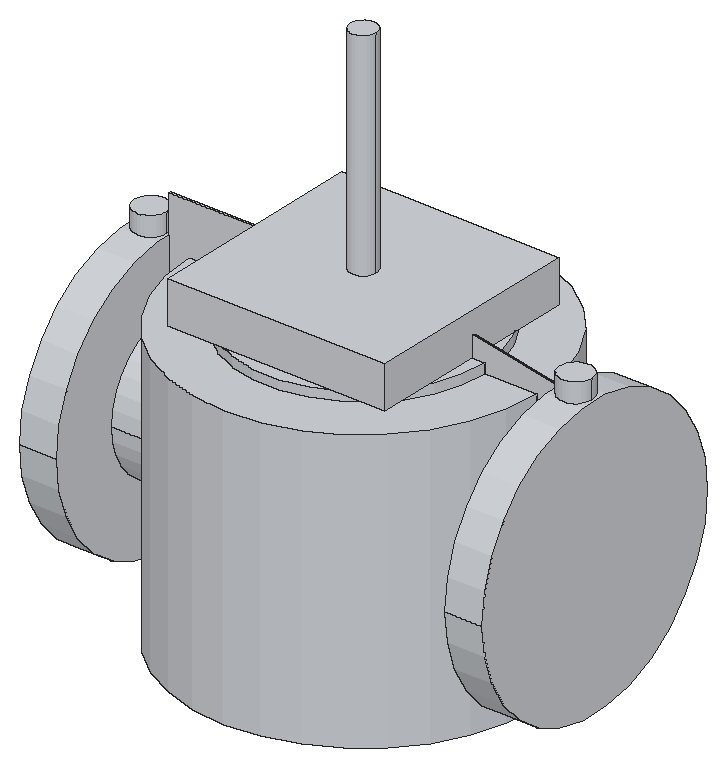
Revit family "OC-FLANGE_HF_DN250_PN25_RFA_2018", category Pipe Accessories, Revit 2018
Family settings
  Round Connector Dimension = Use Diameter
  Part Type = Valve - Breaks Into
  Work Plane-Based = No
  Always vertical = Yes
  Cut with Voids When Loaded = No
  Shared = No
Parameters (values of type "Optima Compact Flange PN25 DN250 HF")
  magiProductId = "248d4ad3cfa54a6393ff3e1f812aa6"
  magiProductFamilyId = "85dff9c68a224669bc3e9a31beef4e"
  magiPartTypeId = 304
  isMeasuringValve [instance] = no
  ang2D [instance] = 0.00°
  W2D = 50 mm
  VersionID = "2.0/2018.12.13.2/FRESE_OPT_COMP_BIG_Q13_001"
  Use Minimum Symbol Size [instance] = no
  URL = "www.hydronic.cz"
  Type Comments = "Přírubový; PN25; 0~110°C, s měřením"
  R4 = 192.15 mm
  R3 = 115.44 mm
  R1 = 274.5 mm
  QmdConnectorList = "301;D;302;D"
  Productdata [instance] = ""
  Manufacturer = "Hydronic Systems Prague s..ro"
  MC Use Limits From Balancing Method = no
  MC Throttling Minimum Value = 0
  MC Throttling Maximum Value = 0
  MC Product Code = "53-1237 (DN250 HF; 48mm; pohon min 2500N; Qmin-dpmin 245000l/h-15.0kPa; Qmax-dpmin 600000l/h-70.0kPa; dpmax 800kPa)"
  MC Pressure Drop Minimum Value = 0.0 Pa
  MC Pressure Drop Maximum Value = 0.0 Pa
  MC Piping Given Pressure Drop [instance] = 0.0 Pa
  LF__ve = -LF  # -58.4 mm
  LF2 = 29.2 mm
  LF = 58.4 mm
  L4 = 343.1 mm
  L3 = 613.2 mm
  L2D_Min = 30.48 mm
  L2D = 230 mm
  L2 = 365 mm
  H6 = 339.4 mm
  H4 = 66.6 mm
  H3 = 15 mm
  H2 = 244.2 mm
  H1 = 444 mm
  H = 1094 mm
  Description = "Tlakově nezávislý 2-cestný regulační vyvažovací ventil (PICV)"
  DF2 = 222 mm
  DD = yes
  D = 250 mm
  CAT0 = yes
  AL2 = 156 mm
  ACT3W = 167 mm
  ACT3L = 92.5 mm
  ACT2L = 230 mm
  ACT2H = 311 mm
  A3WP = 112 mm
Types (2, lengths in mm): name | magiProductId | R4 | R3 | R1 | MC Product Code | LF__ve | LF2 | LF | L4 | L3 | L2 | H6 | H4 | H2 | H1 | H | DF2 | D
  Optima Compact Flange PN25 DN250 HF | "248d4ad3cfa54a6393ff3e1f812aa6" | 192.15 | 115.44 | 274.5 | "53-1237 (DN250 HF; 48mm; pohon min 2500N; Qmin-dpmin 245000l/h-15.0kPa; Qmax-dpmin 600000l/h-70.0kPa; dpmax 800kPa)" | -58.4 | 29.2 | 58.4 | 343.1 | 613.2 | 365 | 339.4 | 66.6 | 244.2 | 444 | 1094 | 222 | 250
  Optima Compact Flange PN25 DN300 HF | "6988231868984c45bc1ee399ade9af" | 251.65 | 135.2 | 359.5 | "53-1238 (DN300 HF; 48mm; pohon min 2500N; Qmin-dpmin 245000l/h-15.0kPa; Qmax-dpmin 600000l/h-70.0kPa; dpmax 800kPa)" | -68 | 34 | 68 | 399.5 | 714 | 425 | 290 | 78 | 286 | 520 | 1132 | 260 | 300
Reference planes
  plane 1 "Center (Front/Back)": y = 0
  plane 2 "XYPLANE": z = 0
  plane 3 "Center (Left/Right)": x = 0
  plane 4 "362": y = 45
  plane 5 "361": y = 55
  plane 6 "360": y = -102
  plane 7 "359": y = -112
  plane 8 "358": z = 852
  plane 9 "357": x = -87.5
  plane 10 "356": x = 87.5
  plane 11 "355": x = -92.5
  plane 12 "354": x = 92.5
  plane 13 "353": x = 35
  plane 14 "352": x = -35
  plane 15 "351": z = 627
  plane 16 "350": z = 812
  plane 17 "347": y = -25
  plane 18 "346": y = 25
  plane 19 "342": z = 280.4
  plane 20 "341": x = 306.6
  plane 21 "340": x = -306.6
  plane 22 "335": x = 106
  plane 23 "334": z = 759
  plane 24 "333": z = 684
  plane 25 "332": z = 689
  plane 26 "331": z = 729
  plane 27 "330": z = 561
  plane 28 "329": z = -222
  plane 29 "328": x = -45
  plane 30 "327": x = 45
  plane 31 "326": x = -49
  plane 32 "325": x = 49
  plane 33 "324": y = -20
  plane 34 "323": y = 20
  plane 35 "322": z = 869
  plane 36 "321": z = 872
  plane 37 "320": z = 581
  plane 38 "319": y = -61
  plane 39 "318": y = 73
  plane 40 "317": x = -74
  plane 41 "316": x = 156
  plane 42 "206": x = 335.8
  plane 43 "205": x = -335.8
  plane 44 "204": z = 222
  plane 45 "203": z = 281.4
  plane 46 "202": z = 214.8
  plane 47 "201": z = 199.8
  plane 48 "200": x = -306.6
  plane 49 "199": z = -244.2
  plane 50 "198": x = 0
  plane 51 "197": y = 0
  plane 52 "196": z = 0
  plane 53 "195": x = -365
  plane 54 "194": x = 365
  plane 55 "193": z = 620.8
  plane 56 "192": z = 784.8
Forms (mm)
  Extrusion 1, solid, visible <- "DD"
    sketch origin (750, 0, 0) x (-1, 0, 0) y (0, 0, 1)
      loop
        line (1056.6, 280.4) -> (750, 280.4) -> (443.4, 222) -> (443.4, -222) -> (1056.6, -222) -> (1056.6, 280.4)
    from 0 to 3
  Extrusion 2, solid, visible <- "CAT0"
    sketch origin (-750, 0, 222) x (1, 0, 0) y (0, 1, 0)
      loop
        circle (1085.8, 0) r 25.5
    from 0 to 30
  Extrusion 3, solid, visible <- "CAT0"
    sketch origin (-750, 0, 222) x (1, 0, 0) y (0, 1, 0)
      loop
        circle (414.2, 0) r 25.5
    from 0 to 30
  Extrusion 4, solid, visible <- "CAT0"
    sketch origin (-750, 0, 281.4) x (1, 0, 0) y (0, 1, 0)
      loop
        circle (750, 0) r 20
    from 0 to 339.4 <- "H6"
  Extrusion 5, solid, visible <- "CAT0"
    sketch origin (-750, 0, 214.8) x (1, 0, 0) y (0, 1, 0)
      loop
        line (921.55, 171.55) -> (578.45, 171.55) -> (578.45, -171.55) -> (921.55, -171.55) -> (921.55, 171.55)
    from 0 to 66.6 <- "H4"
  Extrusion 6, solid, visible <- "CAT0"
    sketch origin (-750, 0, 199.8) x (1, 0, 0) y (0, 1, 0)
      loop
        circle (750, 0) r 192.15
    from 0 to 15 <- "H3"
  Extrusion 7, solid, visible <- "CAT0"
    sketch origin (-306.6, -750, 0) x (0, 1, 0) y (0, 0, 1)
      loop
        circle (750, 0) r 115.44
    from 0 to 613.2 <- "L3"
  Extrusion 8, solid, visible <- "CAT0"
    sketch origin (-750, 0, -244.2) x (1, 0, 0) y (0, 1, 0)
      loop
        circle (750, 0) r 274.5
    from 0 to 444 <- "H1"
  Extrusion 9, solid, visible <- "CAT0"
    sketch origin (-365, -750, 0) x (0, 1, 0) y (0, 0, 1)
      loop
        circle (750, 0) r 222
    from 0 to 58.4 <- "LF"
  Extrusion 10, solid, visible <- "CAT0"
    sketch origin (365, -750, 0) x (0, 1, 0) y (0, 0, 1)
      loop
        circle (750, 0) r 222
    from 0 to -58.4 <- "LF__ve"
  Extrusion 11, solid, not visible
    sketch origin (-365, -750, 0) x (0, 1, 0) y (0, 0, 1)
      loop
        circle (750, 0) r 10
    from 0 to 10
  Extrusion 12, solid, not visible
    sketch origin (365, -750, 0) x (0, 1, 0) y (0, 0, 1)
      loop
        circle (750, 0) r 10
    from 0 to -10
Lines and regions (mm)
  reference lines, not visible
    curve 1: circle (2, 2, 0) r 1 normal (0, 0, 1)
  reference lines
    curve 2: line (-49, -20, 561) -> (49, -20, 561)
    curve 3: line (49, -20, 561) -> (49, 20, 561)
    curve 4: line (49, 20, 561) -> (-49, 20, 561)
    curve 5: line (-49, 20, 561) -> (-49, -20, 561)
    curve 6: circle (0, 0, 214.8) r 1 normal (0, 0, 1)
Dimensions and locks
  plane 1 "Center (Front/Back)" to curve 1 = 2 mm
  locked: plane 5 "361" to plane 4 "362" at 10
  "ACT3W": plane 7 "359" to plane 5 "361"
  locked: plane 7 "359" to plane 6 "360" at 10
  "A3WP": plane 51 "197" to plane 7 "359"
  locked: plane 36 "321" to plane 8 "358" at 20
  locked: plane 11 "355" to plane 9 "357" at 5
  locked: plane 12 "354" to plane 10 "356" at 5
  "ACT3L": plane 50 "198" to plane 11 "355"
  "ACT3L": plane 50 "198" to plane 12 "354"
  locked: plane 30 "327" to plane 13 "353" at 10
  locked: plane 29 "328" to plane 14 "352" at 10
  locked: plane 36 "321" to plane 15 "351" at 245
  locked: plane 36 "321" to plane 16 "350" at 60
  locked: plane 51 "197" to plane 17 "347" at 25
  locked: plane 51 "197" to plane 18 "346" at 25
  "LF": plane 44 "204" to plane 19 "342"
  "LF": plane 54 "194" to plane 20 "341"
  "LF": plane 53 "195" to plane 21 "340"
  locked: plane 41 "316" to plane 22 "335" at 50
  locked: plane 26 "331" to plane 23 "334" at 30
  locked: plane 35 "322" to plane 24 "333" at 185
  locked: plane 35 "322" to plane 25 "332" at 180
  locked: plane 35 "322" to plane 26 "331" at 140
  "ACT2H": plane 36 "321" to plane 27 "330"
  "DF2": plane 52 "196" to plane 28 "329"
  locked: plane 30 "327" to plane 29 "328" at 90
  locked: plane 50 "198" to plane 30 "327" at 45
  locked: plane 50 "198" to plane 31 "326" at 49
  locked: plane 50 "198" to plane 32 "325" at 49
  locked: plane 34 "323" to plane 33 "324" at 40
  locked: plane 51 "197" to plane 34 "323" at 20
  locked: plane 36 "321" to plane 35 "322" at 3
  "H": plane 28 "329" to plane 36 "321"
  locked: plane 27 "330" to plane 37 "320" at 20
  locked: plane 51 "197" to plane 38 "319" at 61
  locked: plane 51 "197" to plane 39 "318" at 73
  "ACT2L": plane 41 "316" to plane 40 "317"
  "AL2": plane 50 "198" to plane 41 "316"
  "LF2": plane 54 "194" to plane 42 "206"
  "LF2": plane 53 "195" to plane 43 "205"
  "DF2": plane 2 "XYPLANE" to plane 44 "204"
  "H4": plane 46 "202" to plane 45 "203"
  "H3": plane 47 "201" to plane 46 "202"
  "H1": plane 49 "199" to plane 47 "201"
  "LF": plane 53 "195" to plane 48 "200"
  "H2": plane 2 "XYPLANE" to plane 49 "199"
  locked: plane 3 "Center (Left/Right)" to plane 50 "198"
  locked: plane 1 "Center (Front/Back)" to plane 51 "197"
  locked: plane 2 "XYPLANE" to plane 52 "196"
  "L2": plane 3 "Center (Left/Right)" to plane 53 "195"
  "L2": plane 3 "Center (Left/Right)" to plane 54 "194"
  "H6": plane 45 "203" to plane 55 "193"
  locked: plane 55 "193" to plane 56 "192" at 164
  Extrusion 1 sketch curve to Extrusion 1 sketch curve = 0 mm  (x10)
  equal spacing: Extrusion 5 sketch curve, curve 6, Extrusion 5 sketch curve  (x2)
  "L4": Extrusion 5 sketch curve to Extrusion 5 sketch curve  (x2)
  Extrusion 5 sketch curve to Extrusion 5 sketch curve = 0 mm  (x8)
  "R4": radius of Extrusion 6 sketch curve
  "R3": radius of Extrusion 7 sketch curve
  "R1": radius of Extrusion 8 sketch curve
  "DF2": radius of Extrusion 9 sketch curve
  "DF2": radius of Extrusion 10 sketch curve
  aligned and locked: level to plane 2 "XYPLANE"
  aligned and locked: plane 21 "340" to Extrusion 1 sketch curve  (x2)
  aligned and locked: plane 19 "342" to Extrusion 1 sketch curve
  aligned and locked: plane 28 "329" to Extrusion 1 sketch curve  (x2)
  aligned and locked: plane 20 "341" to Extrusion 1 sketch curve  (x2)
  aligned and locked: plane 44 "204" to Extrusion 1 sketch curve
  aligned and locked: plane 50 "198" to Extrusion 1 sketch curve
  aligned and locked: Extrusion 1 sketch curve to plane 19 "342"
  aligned and locked: curve 2 to plane 33 "324"
  aligned and locked: plane 31 "326" to curve 2
  aligned and locked: plane 32 "325" to curve 2
  aligned and locked: plane 33 "324" to curve 3
  aligned and locked: plane 34 "323" to curve 3
  aligned and locked: plane 32 "325" to curve 4
  aligned and locked: plane 31 "326" to curve 4
  aligned and locked: plane 34 "323" to curve 5
  aligned and locked: plane 42 "206" to Extrusion 2 sketch curve
  aligned and locked: plane 51 "197" to Extrusion 2 sketch curve
  aligned and locked: plane 43 "205" to Extrusion 3 sketch curve
  aligned and locked: plane 51 "197" to Extrusion 3 sketch curve
  aligned and locked: plane 50 "198" to Extrusion 4 sketch curve
  aligned and locked: plane 51 "197" to Extrusion 4 sketch curve
  aligned and locked: plane 50 "198" to curve 6
  aligned and locked: plane 51 "197" to curve 6
  aligned and locked: plane 50 "198" to Extrusion 6 sketch curve
  aligned and locked: plane 51 "197" to Extrusion 6 sketch curve
  aligned and locked: Extrusion 7 sketch curve to plane 51 "197"
  aligned and locked: plane 52 "196" to Extrusion 7 sketch curve
  aligned and locked: plane 50 "198" to Extrusion 8 sketch curve
  aligned and locked: plane 51 "197" to Extrusion 8 sketch curve
  aligned and locked: Extrusion 9 sketch curve to plane 51 "197"
  aligned and locked: plane 52 "196" to Extrusion 9 sketch curve
  aligned and locked: Extrusion 10 sketch curve to plane 51 "197"
  aligned and locked: plane 52 "196" to Extrusion 10 sketch curve
  aligned and locked: Extrusion 11 sketch curve to plane 51 "197"
  aligned and locked: plane 52 "196" to Extrusion 11 sketch curve
  aligned and locked: Extrusion 12 sketch curve to plane 51 "197"
  aligned and locked: plane 52 "196" to Extrusion 12 sketch curve
Automatic sketch dimensions
  plane 20 "341" to Extrusion 2 sketch curve = 3.7 mm
  plane 53 "195" to Extrusion 3 sketch curve = 3.7 mm
  plane 14 "352" to Extrusion 4 sketch curve = 15 mm
  plane 1 "Center (Front/Back)" to Extrusion 11 sketch curve = 10 mm
  plane 1 "Center (Front/Back)" to Extrusion 12 sketch curve = 10 mm
  plane 3 "Center (Left/Right)" to curve 1 = 2 mm
  Extrusion 5 sketch curve to plane 11 "355" = 79.05 mm
  Extrusion 5 sketch curve to plane 7 "359" = 59.55 mm
  radius of curve 6 = 1 mm
  radius of curve 1 = 1 mm
Connectors
  piping at (-365, 0, 0), diameter 250, driven by "D"
    settings: on Extrusion 11, index 1, connector inside diameter 609.6 mm, connector length 0 mm, flow factor 0, pipe flow 0.0 L/s, pressure drop 0.0 Pa, fitting loss kfactor 0, connector angle 0.00°, fixture units 0, engagement length 0 mm, angle of deflection 0.00°, flow configuration 0, flow direction 0, fitting loss method 0, system type 29, joint type 0, gender type 0, connector reference index 2, connector utility 0, adjustable connector no, is connector primary yes, connector description ""
  piping at (365, 0, 0), diameter 250, driven by "D"
    settings: on Extrusion 12, index 2, connector inside diameter 609.6 mm, connector length 0 mm, flow factor 0, pipe flow 0.0 L/s, pressure drop 0.0 Pa, fitting loss kfactor 0, connector angle 0.00°, fixture units 0, engagement length 0 mm, angle of deflection 0.00°, flow configuration 0, flow direction 0, fitting loss method 0, system type 29, joint type 0, gender type 0, connector reference index 1, connector utility 0, adjustable connector no, is connector primary no, connector description ""
